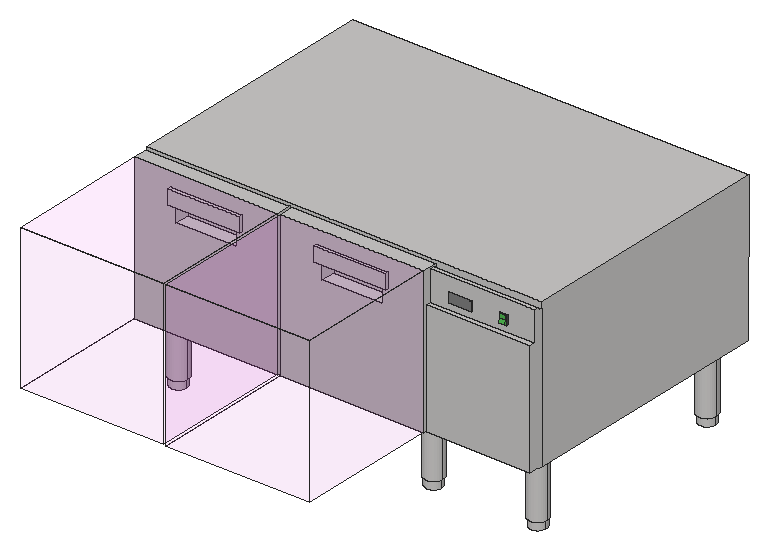
Revit family "QF_ELECTROLUXPROFESSIONAL_391602_E9TTAECOMIN", category Specialty Equipment, Revit 2021 (continued)
Lines and regions (mm)
  Split face 156
    outline origin (721.397, -448, 504.794) x (0, 0, -1) y (1, 0, 0)
      loop
        arc (52.48, -282.599) -> (56.5, -278.61) -> (52.5, -274.599) r 4
        line (52.5, -274.599) -> (20.5, -274.599)
        arc (20.5, -274.599) -> (16.5, -278.61) -> (20.521, -282.599) r 4
        line (20.521, -282.599) -> (52.48, -282.599)
  Split face 157
    outline origin (733.396, -448, 504.794) x (0, 0, -1) y (1, 0, 0)
      loop
        arc (52.48, -282.599) -> (56.5, -278.61) -> (52.5, -274.599) r 4
        line (52.5, -274.599) -> (20.5, -274.599)
        arc (20.5, -274.599) -> (16.5, -278.61) -> (20.521, -282.599) r 4
        line (20.521, -282.599) -> (52.48, -282.599)
  Split face 158
    outline origin (709.396, -448, 459.794) x (0, 0, -1) y (1, 0, 0)
      loop
        arc (52.48, -282.599) -> (56.5, -278.61) -> (52.5, -274.599) r 4
        line (52.5, -274.599) -> (20.5, -274.599)
        arc (20.5, -274.599) -> (16.5, -278.61) -> (20.521, -282.599) r 4
        line (20.521, -282.599) -> (52.48, -282.599)
  Split face 159
    outline origin (721.397, -448, 459.794) x (0, 0, -1) y (1, 0, 0)
      loop
        arc (52.48, -282.599) -> (56.5, -278.61) -> (52.5, -274.599) r 4
        line (52.5, -274.599) -> (20.5, -274.599)
        arc (20.5, -274.599) -> (16.5, -278.61) -> (20.521, -282.599) r 4
        line (20.521, -282.599) -> (52.48, -282.599)
  Split face 160
    outline origin (733.396, -448, 459.794) x (0, 0, -1) y (1, 0, 0)
      loop
        arc (52.48, -282.599) -> (56.5, -278.61) -> (52.5, -274.599) r 4
        line (52.5, -274.599) -> (20.5, -274.599)
        arc (20.5, -274.599) -> (16.5, -278.61) -> (20.521, -282.599) r 4
        line (20.521, -282.599) -> (52.48, -282.599)
  Split face 161
    outline origin (709.396, -448, 414.794) x (0, 0, -1) y (1, 0, 0)
      loop
        arc (52.48, -282.599) -> (56.5, -278.61) -> (52.5, -274.599) r 4
        line (52.5, -274.599) -> (20.5, -274.599)
        arc (20.5, -274.599) -> (16.5, -278.61) -> (20.521, -282.599) r 4
        line (20.521, -282.599) -> (52.48, -282.599)
  Split face 162
    outline origin (721.397, -448, 414.794) x (0, 0, -1) y (1, 0, 0)
      loop
        arc (52.48, -282.599) -> (56.5, -278.61) -> (52.5, -274.599) r 4
        line (52.5, -274.599) -> (20.5, -274.599)
        arc (20.5, -274.599) -> (16.5, -278.61) -> (20.521, -282.599) r 4
        line (20.521, -282.599) -> (52.48, -282.599)
  Split face 163
    outline origin (733.396, -448, 414.794) x (0, 0, -1) y (1, 0, 0)
      loop
        arc (52.48, -282.599) -> (56.5, -278.61) -> (52.5, -274.599) r 4
        line (52.5, -274.599) -> (20.5, -274.599)
        arc (20.5, -274.599) -> (16.5, -278.61) -> (20.521, -282.599) r 4
        line (20.521, -282.599) -> (52.48, -282.599)
  Split face 164
    outline origin (709.396, -448, 369.794) x (0, 0, -1) y (1, 0, 0)
      loop
        arc (52.48, -282.599) -> (56.5, -278.61) -> (52.5, -274.599) r 4
        line (52.5, -274.599) -> (20.5, -274.599)
        arc (20.5, -274.599) -> (16.5, -278.61) -> (20.521, -282.599) r 4
        line (20.521, -282.599) -> (52.48, -282.599)
  Split face 165
    outline origin (721.397, -448, 369.794) x (0, 0, -1) y (1, 0, 0)
      loop
        arc (52.48, -282.599) -> (56.5, -278.61) -> (52.5, -274.599) r 4
        line (52.5, -274.599) -> (20.5, -274.599)
        arc (20.5, -274.599) -> (16.5, -278.61) -> (20.521, -282.599) r 4
        line (20.521, -282.599) -> (52.48, -282.599)
  Split face 166
    outline origin (733.396, -448, 369.794) x (0, 0, -1) y (1, 0, 0)
      loop
        arc (52.48, -282.599) -> (56.5, -278.61) -> (52.5, -274.599) r 4
        line (52.5, -274.599) -> (20.5, -274.599)
        arc (20.5, -274.599) -> (16.5, -278.61) -> (20.521, -282.599) r 4
        line (20.521, -282.599) -> (52.48, -282.599)
  Split face 167
    outline origin (709.396, -448, 324.794) x (0, 0, -1) y (1, 0, 0)
      loop
        arc (52.48, -282.599) -> (56.5, -278.61) -> (52.5, -274.599) r 4
        line (52.5, -274.599) -> (20.5, -274.599)
        arc (20.5, -274.599) -> (16.5, -278.61) -> (20.521, -282.599) r 4
        line (20.521, -282.599) -> (52.48, -282.599)
  Split face 168
    outline origin (721.397, -448, 324.794) x (0, 0, -1) y (1, 0, 0)
      loop
        arc (52.48, -282.599) -> (56.5, -278.61) -> (52.5, -274.599) r 4
        line (52.5, -274.599) -> (20.5, -274.599)
        arc (20.5, -274.599) -> (16.5, -278.61) -> (20.521, -282.599) r 4
        line (20.521, -282.599) -> (52.48, -282.599)
  Split face 169
    outline origin (733.396, -448, 324.794) x (0, 0, -1) y (1, 0, 0)
      loop
        arc (52.48, -282.599) -> (56.5, -278.61) -> (52.5, -274.599) r 4
        line (52.5, -274.599) -> (20.5, -274.599)
        arc (20.5, -274.599) -> (16.5, -278.61) -> (20.521, -282.599) r 4
        line (20.521, -282.599) -> (52.48, -282.599)
  Split face 170
    outline origin (709.396, -448, 279.794) x (0, 0, -1) y (1, 0, 0)
      loop
        arc (52.48, -282.599) -> (56.5, -278.61) -> (52.5, -274.599) r 4
        line (52.5, -274.599) -> (20.5, -274.599)
        arc (20.5, -274.599) -> (16.5, -278.61) -> (20.521, -282.599) r 4
        line (20.521, -282.599) -> (52.48, -282.599)
  Split face 171
    outline origin (721.397, -448, 279.794) x (0, 0, -1) y (1, 0, 0)
      loop
        arc (52.48, -282.599) -> (56.5, -278.61) -> (52.5, -274.599) r 4
        line (52.5, -274.599) -> (20.5, -274.599)
        arc (20.5, -274.599) -> (16.5, -278.61) -> (20.521, -282.599) r 4
        line (20.521, -282.599) -> (52.48, -282.599)
  Split face 172
    outline origin (733.396, -448, 279.794) x (0, 0, -1) y (1, 0, 0)
      loop
        arc (52.48, -282.599) -> (56.5, -278.61) -> (52.5, -274.599) r 4
        line (52.5, -274.599) -> (20.5, -274.599)
        arc (20.5, -274.599) -> (16.5, -278.61) -> (20.521, -282.599) r 4
        line (20.521, -282.599) -> (52.48, -282.599)
  symbolic lines, style "SpecialityEquipmentHiddenLines"
    curve 1: line (-599, 380, 0) -> (599, 380, 0)
    curve 2: line (-599, -448, 0) -> (-599, 380, 0)
    curve 3: line (599, -448, 0) -> (-599, -448, 0)
    curve 4: line (599, 380, 0) -> (599, -448, 0)
    curve 17: line (-599, -403, 0) -> (599, -403, 0)
  symbolic lines, style "QF_Door-Drawer Clearances"
    curve 5: line (-579, -448, 0) -> (-579, -573, 0)
    curve 6: line (-184.999, -573, 0) -> (-184.999, -448, 0)
    curve 7: line (-136.499, -448, 0) -> (-136.499, -573, 0)
    curve 8: line (257.502, -573, 0) -> (257.502, -448, 0)
    curve 9: line (-599, -573, 0) -> (-164.999, -573, 0)
    curve 10: line (-156.499, -573, 0) -> (277.502, -573, 0)
    curve 11: line (-599, -613, 0) -> (-164.999, -613, 0)
    curve 12: line (-156.499, -613, 0) -> (277.502, -613, 0)
    curve 13: line (-164.999, -613, 0) -> (-164.999, -573, 0)
    curve 14: line (-156.499, -573, 0) -> (-156.499, -613, 0)
    curve 15: line (-599, -573, 0) -> (-599, -613, 0)
    curve 16: line (277.502, -613, 0) -> (277.502, -573, 0)
Dimensions and locks
  plane 4 to level = 200 mm
  plane 5 "TOP" to level = 650 mm
  plane 5 "TOP" to plane 4 = 450 mm
  equal spacing: plane 8 "LEFT", plane 3 "Centro (Sinistra/Destra)", plane 9 "RIGHT"
  plane 8 "LEFT" to plane 9 "RIGHT" = 1200 mm
  equal spacing: plane 6 "BACK", plane 1 "Center X", plane 7 "FRONT"
  plane 6 "BACK" to plane 7 "FRONT" = 900 mm
  plane 6 "BACK" to plane 10 = 853 mm
  locked: plane 10 to plane 11 at 45
  locked: plane 8 "LEFT" to plane 12 at 55
  locked: plane 13 to plane 9 "RIGHT" at 55
  locked: plane 12 to plane 14 at 774
  locked: plane 22 to plane 15 at 88
  locked: plane 16 to plane 11 at 98
  locked: plane 19 to plane 9 "RIGHT" at 1
  locked: plane 8 "LEFT" to plane 18 at 1
  plane 19 to plane 17 = 313 mm
  locked: plane 6 "BACK" to plane 20 at 160
  plane 21 to plane 9 "RIGHT" = 40 mm
  locked: plane 6 "BACK" to plane 22 at 70
  locked: plane 11 to plane 7 "FRONT" at 2
  plane 15 to plane 22 = 88 mm
  plane 11 to plane 16 = 98 mm
  plane 12 to plane 8 "LEFT" = 55 mm
  plane 14 to plane 12 = 774 mm
  aligned and locked: level to plane 2
  aligned and locked: plane 12 to nested 1
  aligned and locked: nested 1 to plane 16
  aligned and locked: nested 2 to plane 15
  aligned and locked: plane 14 to nested 3
  aligned and locked: nested 4 to plane 14
  aligned and locked: plane 13 to nested 5
  aligned and locked: nested 6 to plane 13
  aligned and locked: plane 10 to Extrusion 1 sketch curve
  aligned and locked: Extrusion 2 to plane 11
  aligned and locked: Extrusion 10 to plane 11
  aligned and locked: plane 4 to Extrusion 12
  aligned and locked: plane 22 to Extrusion 1
  aligned and locked: plane 15 to nested 6
  aligned and locked: plane 15 to nested 4
  aligned and locked: plane 16 to nested 5
  aligned and locked: plane 16 to nested 3
Automatic sketch dimensions
  Extrusion 2 sketch curve to plane 18 = 0 mm
  plane 12 to Extrusion 2 sketch curve = 69.7 mm
  Extrusion 2 sketch curve to Extrusion 2 sketch curve = 186.601 mm
  Extrusion 2 sketch curve to plane 5 "TOP" = 9.006 mm
  Extrusion 2 sketch curve to Extrusion 2 sketch curve = 123.7 mm
  Extrusion 2 sketch curve to plane 5 "TOP" = 65 mm
  Extrusion 2 sketch curve to Extrusion 2 sketch curve = 78.294 mm
  plane 4 to Extrusion 2 sketch curve = 1.587 mm
  Extrusion 2 to Extrusion 3 sketch curve = 0 mm
  Extrusion 3 sketch curve to Extrusion 2 = 0 mm  (x3)
  Extrusion 4 sketch curve to plane 4 = 0 mm
  Extrusion 4 sketch curve to plane 10 = 0 mm
  Extrusion 4 sketch curve to plane 10 = 5.442 mm
  plane 4 to Extrusion 4 sketch curve = 4.796 mm
  Extrusion 4 sketch curve to Extrusion 4 sketch curve = 9.721 mm
  Extrusion 4 sketch curve to plane 10 = 16.763 mm
  Extrusion 4 sketch curve to Extrusion 4 sketch curve = 11.336 mm
  plane 11 to Extrusion 4 sketch curve = 0 mm
  Extrusion 4 sketch curve to plane 5 "TOP" = 100.204 mm
  Extrusion 4 sketch curve to plane 5 "TOP" = 20.473 mm
  Extrusion 4 sketch curve to plane 5 "TOP" = 9.006 mm
  Extrusion 4 to Extrusion 5 sketch curve = 42.198 mm
  Extrusion 5 sketch curve to Extrusion 4 = 20 mm
  Extrusion 4 to Extrusion 5 sketch curve = 102.899 mm
  Extrusion 5 sketch curve to Extrusion 5 sketch curve = 22 mm
  Extrusion 4 to Extrusion 6 sketch curve = 42.198 mm
  Extrusion 6 sketch curve to Extrusion 4 = 20 mm
  Extrusion 4 to Extrusion 6 sketch curve = 54.901 mm
  Extrusion 6 sketch curve to Extrusion 6 sketch curve = 70 mm
  Split face 1 sketch curve to Extrusion 6 = 5 mm
  Split face 1 sketch curve to Extrusion 6 = 9 mm
  Split face 1 sketch curve to Extrusion 6 = 10 mm  (x2)
  Split face 2 sketch curve to Extrusion 6 = 12.5 mm
  Split face 2 sketch curve to Extrusion 6 = 7 mm
  Split face 3 sketch curve to Extrusion 6 = 7.5 mm
  Split face 3 sketch curve to Extrusion 6 = 7 mm
  Split face 4 sketch curve to Extrusion 6 = 11.5 mm
  Split face 4 sketch curve to Extrusion 6 = 7 mm
  Split face 5 sketch curve to Extrusion 6 = 7.5 mm
  Split face 5 sketch curve to Extrusion 6 = 7 mm
  Split face 6 sketch curve to Extrusion 6 = 12.5 mm
  Split face 6 sketch curve to Extrusion 6 = 7 mm
  Split face 7 sketch curve to Extrusion 6 = 11.5 mm
  Split face 7 sketch curve to Extrusion 6 = 7 mm
  Split face 8 sketch curve to Extrusion 6 = 7.047 mm
  Split face 8 sketch curve to Extrusion 6 = 2.047 mm
  Split face 8 sketch curve to Extrusion 6 = 10 mm
  Split face 8 sketch curve to Split face 8 sketch curve = 11 mm
  Split face 9 sketch curve to Extrusion 6 = 7.047 mm
  Split face 9 sketch curve to Extrusion 6 = 2.047 mm
  Split face 9 sketch curve to Extrusion 6 = 23 mm
  Split face 9 sketch curve to Split face 9 sketch curve = 11 mm
  Split face 10 sketch curve to Extrusion 6 = 7.047 mm
  Split face 10 sketch curve to Extrusion 6 = 2.047 mm
  Split face 10 sketch curve to Extrusion 6 = 34 mm
  Split face 10 sketch curve to Split face 10 sketch curve = 11 mm
  Split face 11 sketch curve to Extrusion 6 = 7.047 mm
  Split face 11 sketch curve to Extrusion 6 = 2.047 mm
  Split face 11 sketch curve to Extrusion 6 = 21 mm
  Split face 11 sketch curve to Extrusion 6 = 10 mm
  Extrusion 7 sketch curve to Extrusion 7 sketch curve = 0 mm  (x3)
  Extrusion 7 sketch curve to Extrusion 5 = 0 mm
  Extrusion 5 to Extrusion 7 sketch curve = 2.279 mm
  Extrusion 7 sketch curve to Extrusion 7 sketch curve = 0.116 mm
  Extrusion 7 sketch curve to Extrusion 7 sketch curve = 12.105 mm
  Extrusion 5 to Extrusion 7 sketch curve = 3.692 mm
  Extrusion 5 to Extrusion 7 sketch curve = 2.395 mm
  Split face 12 sketch curve to Extrusion 4 = 20.5 mm
  Split face 12 sketch curve to Split face 12 sketch curve = 0.02 mm  (x2)
  Split face 12 sketch curve to Split face 12 sketch curve = 31.959 mm
  Split face 12 sketch curve to Extrusion 4 = 32.901 mm
  Split face 12 sketch curve to Split face 12 sketch curve = 4 mm
  Split face 13 sketch curve to Extrusion 4 = 20.5 mm
  Split face 13 sketch curve to Split face 13 sketch curve = 0.02 mm  (x2)
  Split face 13 sketch curve to Split face 13 sketch curve = 31.959 mm
  Split face 13 sketch curve to Extrusion 4 = 44.9 mm
  Split face 13 sketch curve to Split face 13 sketch curve = 4 mm
  Split face 14 sketch curve to Extrusion 4 = 20.5 mm
  Split face 14 sketch curve to Split face 14 sketch curve = 0.02 mm  (x2)
  Split face 14 sketch curve to Split face 14 sketch curve = 31.959 mm
  Split face 14 sketch curve to Extrusion 4 = 56.9 mm
  Split face 14 sketch curve to Split face 14 sketch curve = 4 mm
  Split face 15 sketch curve to Extrusion 4 = 20.5 mm
  Split face 15 sketch curve to Split face 15 sketch curve = 0.02 mm  (x2)
  Split face 15 sketch curve to Split face 15 sketch curve = 31.959 mm
  Split face 15 sketch curve to Extrusion 4 = 68.797 mm
  Split face 15 sketch curve to Split face 15 sketch curve = 4 mm
  Split face 16 sketch curve to Extrusion 4 = 20.5 mm
  Split face 16 sketch curve to Split face 16 sketch curve = 0.02 mm  (x2)
  Split face 16 sketch curve to Split face 16 sketch curve = 31.959 mm
  Split face 16 sketch curve to Extrusion 4 = 80.797 mm
  Split face 16 sketch curve to Split face 16 sketch curve = 4 mm
  Split face 17 sketch curve to Extrusion 4 = 20.5 mm
  Split face 17 sketch curve to Split face 17 sketch curve = 0.02 mm  (x2)
  Split face 17 sketch curve to Split face 17 sketch curve = 31.959 mm
  Split face 17 sketch curve to Extrusion 4 = 92.797 mm
  Split face 17 sketch curve to Split face 17 sketch curve = 4 mm
  Split face 18 sketch curve to Extrusion 4 = 20.5 mm
  Split face 18 sketch curve to Split face 18 sketch curve = 0.02 mm  (x2)
  Split face 18 sketch curve to Split face 18 sketch curve = 31.959 mm
  Split face 18 sketch curve to Extrusion 4 = 104.797 mm
  Split face 18 sketch curve to Split face 18 sketch curve = 4 mm
  Split face 19 sketch curve to Extrusion 4 = 20.5 mm
  Split face 19 sketch curve to Split face 19 sketch curve = 0.02 mm  (x2)
  Split face 19 sketch curve to Split face 19 sketch curve = 31.959 mm
  Split face 19 sketch curve to Extrusion 4 = 116.797 mm
  Split face 19 sketch curve to Split face 19 sketch curve = 4 mm
  Split face 20 sketch curve to Extrusion 4 = 20.5 mm
  Split face 20 sketch curve to Split face 20 sketch curve = 0.02 mm  (x2)
  Split face 20 sketch curve to Split face 20 sketch curve = 31.959 mm
  Split face 20 sketch curve to Extrusion 4 = 128.797 mm
  Split face 20 sketch curve to Split face 20 sketch curve = 4 mm
  Split face 21 sketch curve to Extrusion 4 = 20.5 mm
  Split face 21 sketch curve to Split face 21 sketch curve = 0.02 mm  (x2)
  Split face 21 sketch curve to Split face 21 sketch curve = 31.959 mm
  Split face 21 sketch curve to Extrusion 4 = 137.003 mm
  Split face 21 sketch curve to Split face 21 sketch curve = 4 mm
  Split face 22 sketch curve to Extrusion 4 = 20.5 mm
  Split face 22 sketch curve to Split face 22 sketch curve = 0.02 mm  (x2)
  Split face 22 sketch curve to Split face 22 sketch curve = 31.959 mm
  Split face 22 sketch curve to Extrusion 4 = 125.004 mm
  Split face 22 sketch curve to Split face 22 sketch curve = 4 mm
  Split face 23 sketch curve to Extrusion 4 = 20.5 mm
  Split face 23 sketch curve to Split face 23 sketch curve = 0.02 mm  (x2)
  Split face 23 sketch curve to Split face 23 sketch curve = 31.959 mm
  Split face 23 sketch curve to Extrusion 4 = 113.003 mm
  Split face 23 sketch curve to Split face 23 sketch curve = 4 mm
  Split face 24 sketch curve to Extrusion 4 = 20.5 mm
  Split face 24 sketch curve to Split face 24 sketch curve = 0.02 mm  (x2)
  Split face 24 sketch curve to Split face 24 sketch curve = 31.959 mm
  Split face 24 sketch curve to Extrusion 4 = 101.003 mm
  Split face 24 sketch curve to Split face 24 sketch curve = 4 mm
  Split face 25 sketch curve to Extrusion 4 = 20.5 mm
  Split face 25 sketch curve to Split face 25 sketch curve = 0.02 mm  (x2)
  Split face 25 sketch curve to Split face 25 sketch curve = 31.959 mm
  Split face 25 sketch curve to Extrusion 4 = 89.003 mm
  Split face 25 sketch curve to Split face 25 sketch curve = 4 mm
  Split face 26 sketch curve to Extrusion 4 = 20.5 mm
  Split face 26 sketch curve to Split face 26 sketch curve = 0.02 mm  (x2)
  Split face 26 sketch curve to Split face 26 sketch curve = 31.959 mm
  Split face 26 sketch curve to Extrusion 4 = 77.004 mm
  Split face 26 sketch curve to Split face 26 sketch curve = 4 mm
  Split face 27 sketch curve to Extrusion 4 = 20.5 mm
  Split face 27 sketch curve to Split face 27 sketch curve = 0.02 mm  (x2)
  Split face 27 sketch curve to Split face 27 sketch curve = 31.959 mm
  Split face 27 sketch curve to Extrusion 4 = 65.003 mm
  Split face 27 sketch curve to Split face 27 sketch curve = 4 mm
  Split face 28 sketch curve to Extrusion 4 = 20.5 mm
  Split face 28 sketch curve to Split face 28 sketch curve = 0.02 mm  (x2)
  Split face 28 sketch curve to Split face 28 sketch curve = 31.959 mm
  Split face 28 sketch curve to Extrusion 4 = 53.004 mm
  Split face 28 sketch curve to Split face 28 sketch curve = 4 mm
  Split face 29 sketch curve to Extrusion 4 = 20.5 mm
  Split face 29 sketch curve to Split face 29 sketch curve = 0.02 mm  (x2)
  Split face 29 sketch curve to Split face 29 sketch curve = 31.959 mm
  Split face 29 sketch curve to Extrusion 4 = 41.004 mm
  Split face 29 sketch curve to Split face 29 sketch curve = 4 mm
  Split face 30 sketch curve to Extrusion 4 = 20.5 mm
  Split face 30 sketch curve to Split face 30 sketch curve = 0.02 mm  (x2)
  Split face 30 sketch curve to Split face 30 sketch curve = 31.959 mm
  Split face 30 sketch curve to Extrusion 4 = 29.004 mm
  Split face 30 sketch curve to Split face 30 sketch curve = 4 mm
  Split face 31 sketch curve to Extrusion 4 = 20.5 mm
  Split face 31 sketch curve to Split face 31 sketch curve = 0.02 mm  (x2)
  Split face 31 sketch curve to Split face 31 sketch curve = 31.959 mm
  Split face 31 sketch curve to Extrusion 4 = 20.901 mm
  Split face 31 sketch curve to Split face 31 sketch curve = 4 mm
  Split face 32 sketch curve to Extrusion 4 = 65.502 mm
  Split face 32 sketch curve to Split face 32 sketch curve = 0.02 mm  (x2)
  Split face 32 sketch curve to Split face 32 sketch curve = 31.959 mm
  Split face 32 sketch curve to Extrusion 4 = 32.901 mm
  Split face 32 sketch curve to Split face 32 sketch curve = 4 mm
  Split face 33 sketch curve to Extrusion 4 = 65.502 mm
  Split face 33 sketch curve to Split face 33 sketch curve = 0.02 mm  (x2)
  Split face 33 sketch curve to Split face 33 sketch curve = 31.959 mm
  Split face 33 sketch curve to Extrusion 4 = 44.9 mm
  Split face 33 sketch curve to Split face 33 sketch curve = 4 mm
  Split face 34 sketch curve to Extrusion 4 = 65.502 mm
  Split face 34 sketch curve to Split face 34 sketch curve = 0.02 mm  (x2)
  Split face 34 sketch curve to Split face 34 sketch curve = 31.959 mm
  Split face 34 sketch curve to Extrusion 4 = 56.9 mm
  Split face 34 sketch curve to Split face 34 sketch curve = 4 mm
  Split face 35 sketch curve to Extrusion 4 = 65.502 mm
  Split face 35 sketch curve to Split face 35 sketch curve = 0.02 mm  (x2)
  Split face 35 sketch curve to Split face 35 sketch curve = 31.959 mm
  Split face 35 sketch curve to Extrusion 4 = 68.797 mm
  Split face 35 sketch curve to Split face 35 sketch curve = 4 mm
  Split face 36 sketch curve to Extrusion 4 = 65.502 mm
  Split face 36 sketch curve to Split face 36 sketch curve = 0.02 mm  (x2)
  Split face 36 sketch curve to Split face 36 sketch curve = 31.959 mm
  Split face 36 sketch curve to Extrusion 4 = 80.797 mm
  Split face 36 sketch curve to Split face 36 sketch curve = 4 mm
  Split face 37 sketch curve to Extrusion 4 = 65.502 mm
  Split face 37 sketch curve to Split face 37 sketch curve = 0.02 mm  (x2)
  Split face 37 sketch curve to Split face 37 sketch curve = 31.959 mm
  Split face 37 sketch curve to Extrusion 4 = 92.797 mm
  Split face 37 sketch curve to Split face 37 sketch curve = 4 mm
  Split face 38 sketch curve to Extrusion 4 = 65.502 mm
  Split face 38 sketch curve to Split face 38 sketch curve = 0.02 mm  (x2)
  Split face 38 sketch curve to Split face 38 sketch curve = 31.959 mm
  Split face 38 sketch curve to Extrusion 4 = 104.797 mm
  Split face 38 sketch curve to Split face 38 sketch curve = 4 mm
  Split face 39 sketch curve to Extrusion 4 = 65.502 mm
  Split face 39 sketch curve to Split face 39 sketch curve = 0.02 mm  (x2)
  Split face 39 sketch curve to Split face 39 sketch curve = 31.959 mm
  Split face 39 sketch curve to Extrusion 4 = 116.797 mm
  Split face 39 sketch curve to Split face 39 sketch curve = 4 mm
  Split face 40 sketch curve to Extrusion 4 = 65.502 mm
  Split face 40 sketch curve to Split face 40 sketch curve = 0.02 mm  (x2)
  Split face 40 sketch curve to Split face 40 sketch curve = 31.959 mm
  Split face 40 sketch curve to Extrusion 4 = 128.797 mm
  Split face 40 sketch curve to Split face 40 sketch curve = 4 mm
  Split face 41 sketch curve to Extrusion 4 = 65.502 mm
  Split face 41 sketch curve to Split face 41 sketch curve = 0.02 mm  (x2)
  Split face 41 sketch curve to Split face 41 sketch curve = 31.959 mm
  Split face 41 sketch curve to Extrusion 4 = 137.003 mm
  Split face 41 sketch curve to Split face 41 sketch curve = 4 mm
  Split face 42 sketch curve to Extrusion 4 = 65.502 mm
  Split face 42 sketch curve to Split face 42 sketch curve = 0.02 mm  (x2)
  Split face 42 sketch curve to Split face 42 sketch curve = 31.959 mm
  Split face 42 sketch curve to Extrusion 4 = 125.004 mm
  Split face 42 sketch curve to Split face 42 sketch curve = 4 mm
  Split face 43 sketch curve to Extrusion 4 = 65.502 mm
  Split face 43 sketch curve to Split face 43 sketch curve = 0.02 mm  (x2)
  Split face 43 sketch curve to Split face 43 sketch curve = 31.959 mm
  Split face 43 sketch curve to Extrusion 4 = 113.003 mm
  Split face 43 sketch curve to Split face 43 sketch curve = 4 mm
  Split face 44 sketch curve to Extrusion 4 = 65.502 mm
  Split face 44 sketch curve to Split face 44 sketch curve = 0.02 mm  (x2)
  Split face 44 sketch curve to Split face 44 sketch curve = 31.959 mm
  Split face 44 sketch curve to Extrusion 4 = 101.003 mm
  Split face 44 sketch curve to Split face 44 sketch curve = 4 mm
  Split face 45 sketch curve to Extrusion 4 = 65.502 mm
  Split face 45 sketch curve to Split face 45 sketch curve = 0.02 mm  (x2)
  Split face 45 sketch curve to Split face 45 sketch curve = 31.959 mm
  Split face 45 sketch curve to Extrusion 4 = 89.003 mm
  Split face 45 sketch curve to Split face 45 sketch curve = 4 mm
  Split face 46 sketch curve to Extrusion 4 = 65.502 mm
  Split face 46 sketch curve to Split face 46 sketch curve = 0.02 mm  (x2)
  Split face 46 sketch curve to Split face 46 sketch curve = 31.959 mm
  Split face 46 sketch curve to Extrusion 4 = 77.004 mm
  Split face 46 sketch curve to Split face 46 sketch curve = 4 mm
  Split face 47 sketch curve to Extrusion 4 = 65.502 mm
  Split face 47 sketch curve to Split face 47 sketch curve = 0.02 mm  (x2)
  Split face 47 sketch curve to Split face 47 sketch curve = 31.959 mm
  Split face 47 sketch curve to Extrusion 4 = 65.003 mm
  Split face 47 sketch curve to Split face 47 sketch curve = 4 mm
  Split face 48 sketch curve to Extrusion 4 = 65.502 mm
  Split face 48 sketch curve to Split face 48 sketch curve = 0.02 mm  (x2)
  Split face 48 sketch curve to Split face 48 sketch curve = 31.959 mm
  Split face 48 sketch curve to Extrusion 4 = 53.004 mm
  Split face 48 sketch curve to Split face 48 sketch curve = 4 mm
  Split face 49 sketch curve to Extrusion 4 = 65.502 mm
  Split face 49 sketch curve to Split face 49 sketch curve = 0.02 mm  (x2)
  Split face 49 sketch curve to Split face 49 sketch curve = 31.959 mm
  Split face 49 sketch curve to Extrusion 4 = 41.004 mm
  Split face 49 sketch curve to Split face 49 sketch curve = 4 mm
  Split face 50 sketch curve to Extrusion 4 = 25.004 mm
  Split face 50 sketch curve to Extrusion 4 = 65.502 mm
  Split face 50 sketch curve to Split face 50 sketch curve = 0.02 mm  (x2)
  Split face 50 sketch curve to Split face 50 sketch curve = 31.959 mm
  Split face 50 sketch curve to Split face 50 sketch curve = 4 mm
  Split face 51 sketch curve to Extrusion 4 = 24.901 mm
  Split face 51 sketch curve to Extrusion 4 = 65.502 mm
  Split face 51 sketch curve to Split face 51 sketch curve = 0.02 mm  (x2)
  Split face 51 sketch curve to Split face 51 sketch curve = 31.959 mm
  Split face 51 sketch curve to Split face 51 sketch curve = 4 mm
  Split face 52 sketch curve to Extrusion 4 = 36.901 mm
  Split face 52 sketch curve to Extrusion 4 = 110.502 mm
  Split face 52 sketch curve to Split face 52 sketch curve = 0.02 mm  (x2)
  Split face 52 sketch curve to Split face 52 sketch curve = 31.959 mm
  Split face 52 sketch curve to Split face 52 sketch curve = 4 mm
  Split face 53 sketch curve to Extrusion 4 = 48.9 mm
  Split face 53 sketch curve to Extrusion 4 = 110.502 mm
  Split face 53 sketch curve to Split face 53 sketch curve = 0.02 mm  (x2)
  Split face 53 sketch curve to Split face 53 sketch curve = 31.959 mm
  Split face 53 sketch curve to Split face 53 sketch curve = 4 mm
  Split face 54 sketch curve to Extrusion 4 = 110.502 mm
  Split face 54 sketch curve to Split face 54 sketch curve = 0.02 mm  (x2)
  Split face 54 sketch curve to Split face 54 sketch curve = 31.959 mm
  Split face 54 sketch curve to Extrusion 4 = 56.9 mm
  Split face 54 sketch curve to Split face 54 sketch curve = 4 mm
  Split face 55 sketch curve to Extrusion 4 = 110.502 mm
  Split face 55 sketch curve to Split face 55 sketch curve = 0.02 mm  (x2)
  Split face 55 sketch curve to Split face 55 sketch curve = 31.959 mm
  Split face 55 sketch curve to Extrusion 4 = 68.797 mm
  Split face 55 sketch curve to Split face 55 sketch curve = 4 mm
  Split face 56 sketch curve to Extrusion 4 = 110.502 mm
  Split face 56 sketch curve to Split face 56 sketch curve = 0.02 mm  (x2)
  Split face 56 sketch curve to Split face 56 sketch curve = 31.959 mm
  Split face 56 sketch curve to Extrusion 4 = 80.797 mm
  Split face 56 sketch curve to Split face 56 sketch curve = 4 mm
  Split face 57 sketch curve to Extrusion 4 = 110.502 mm
  Split face 57 sketch curve to Split face 57 sketch curve = 0.02 mm  (x2)
  Split face 57 sketch curve to Split face 57 sketch curve = 31.959 mm
  Split face 57 sketch curve to Extrusion 4 = 92.797 mm
  Split face 57 sketch curve to Split face 57 sketch curve = 4 mm
  Split face 58 sketch curve to Extrusion 4 = 110.502 mm
  Split face 58 sketch curve to Split face 58 sketch curve = 0.02 mm  (x2)
  Split face 58 sketch curve to Split face 58 sketch curve = 31.959 mm
  Split face 58 sketch curve to Extrusion 4 = 104.797 mm
  Split face 58 sketch curve to Split face 58 sketch curve = 4 mm
  Split face 59 sketch curve to Extrusion 4 = 110.502 mm
  Split face 59 sketch curve to Split face 59 sketch curve = 0.02 mm  (x2)
  Split face 59 sketch curve to Split face 59 sketch curve = 31.959 mm
  Split face 59 sketch curve to Extrusion 4 = 116.797 mm
  Split face 59 sketch curve to Split face 59 sketch curve = 4 mm
  Split face 60 sketch curve to Extrusion 4 = 110.502 mm
  Split face 60 sketch curve to Split face 60 sketch curve = 0.02 mm  (x2)
  Split face 60 sketch curve to Split face 60 sketch curve = 31.959 mm
  Split face 60 sketch curve to Extrusion 4 = 128.797 mm
  Split face 60 sketch curve to Split face 60 sketch curve = 4 mm
  Split face 61 sketch curve to Extrusion 4 = 110.502 mm
  Split face 61 sketch curve to Split face 61 sketch curve = 0.02 mm  (x2)
  Split face 61 sketch curve to Split face 61 sketch curve = 31.959 mm
  Split face 61 sketch curve to Extrusion 4 = 137.003 mm
  Split face 61 sketch curve to Split face 61 sketch curve = 4 mm
  Split face 62 sketch curve to Extrusion 4 = 110.502 mm
  Split face 62 sketch curve to Split face 62 sketch curve = 0.02 mm  (x2)
  Split face 62 sketch curve to Split face 62 sketch curve = 31.959 mm
  Split face 62 sketch curve to Extrusion 4 = 125.004 mm
  Split face 62 sketch curve to Split face 62 sketch curve = 4 mm
  Split face 63 sketch curve to Extrusion 4 = 110.502 mm
  Split face 63 sketch curve to Split face 63 sketch curve = 0.02 mm  (x2)
  Split face 63 sketch curve to Split face 63 sketch curve = 31.959 mm
  Split face 63 sketch curve to Extrusion 4 = 113.003 mm
  Split face 63 sketch curve to Split face 63 sketch curve = 4 mm
  Split face 64 sketch curve to Extrusion 4 = 110.502 mm
  Split face 64 sketch curve to Split face 64 sketch curve = 0.02 mm  (x2)
  Split face 64 sketch curve to Split face 64 sketch curve = 31.959 mm
  Split face 64 sketch curve to Extrusion 4 = 101.003 mm
  Split face 64 sketch curve to Split face 64 sketch curve = 4 mm
  Split face 65 sketch curve to Extrusion 4 = 110.502 mm
  Split face 65 sketch curve to Split face 65 sketch curve = 0.02 mm  (x2)
  Split face 65 sketch curve to Split face 65 sketch curve = 31.959 mm
  Split face 65 sketch curve to Extrusion 4 = 89.003 mm
  Split face 65 sketch curve to Split face 65 sketch curve = 4 mm
  Split face 66 sketch curve to Extrusion 4 = 110.502 mm
  Split face 66 sketch curve to Split face 66 sketch curve = 0.02 mm  (x2)
  Split face 66 sketch curve to Split face 66 sketch curve = 31.959 mm
  Split face 66 sketch curve to Extrusion 4 = 77.004 mm
  Split face 66 sketch curve to Split face 66 sketch curve = 4 mm
  Split face 67 sketch curve to Extrusion 4 = 110.502 mm
  Split face 67 sketch curve to Split face 67 sketch curve = 0.02 mm  (x2)
  Split face 67 sketch curve to Split face 67 sketch curve = 31.959 mm
  Split face 67 sketch curve to Extrusion 4 = 65.003 mm
  Split face 67 sketch curve to Split face 67 sketch curve = 4 mm
  Split face 68 sketch curve to Extrusion 4 = 49.004 mm
  Split face 68 sketch curve to Extrusion 4 = 110.502 mm
  Split face 68 sketch curve to Split face 68 sketch curve = 0.02 mm  (x2)
  Split face 68 sketch curve to Split face 68 sketch curve = 31.959 mm
  Split face 68 sketch curve to Split face 68 sketch curve = 4 mm
  Split face 69 sketch curve to Extrusion 4 = 37.004 mm
  Split face 69 sketch curve to Extrusion 4 = 110.502 mm
  Split face 69 sketch curve to Split face 69 sketch curve = 0.02 mm  (x2)
  Split face 69 sketch curve to Split face 69 sketch curve = 31.959 mm
  Split face 69 sketch curve to Split face 69 sketch curve = 4 mm
  Split face 70 sketch curve to Extrusion 4 = 25.004 mm
  Split face 70 sketch curve to Extrusion 4 = 110.502 mm
  Split face 70 sketch curve to Split face 70 sketch curve = 0.02 mm  (x2)
  Split face 70 sketch curve to Split face 70 sketch curve = 31.959 mm
  Split face 70 sketch curve to Split face 70 sketch curve = 4 mm
  Split face 71 sketch curve to Extrusion 4 = 24.901 mm
  Split face 71 sketch curve to Extrusion 4 = 110.502 mm
  Split face 71 sketch curve to Split face 71 sketch curve = 0.02 mm  (x2)
  Split face 71 sketch curve to Split face 71 sketch curve = 31.959 mm
  Split face 71 sketch curve to Split face 71 sketch curve = 4 mm
  Split face 72 sketch curve to Extrusion 4 = 36.901 mm
  Split face 72 sketch curve to Extrusion 4 = 155.502 mm
  Split face 72 sketch curve to Split face 72 sketch curve = 0.02 mm  (x2)
  Split face 72 sketch curve to Split face 72 sketch curve = 31.959 mm
  Split face 72 sketch curve to Split face 72 sketch curve = 4 mm
  Split face 73 sketch curve to Extrusion 4 = 48.9 mm
  Split face 73 sketch curve to Extrusion 4 = 155.502 mm
  Split face 73 sketch curve to Split face 73 sketch curve = 0.02 mm  (x2)
  Split face 73 sketch curve to Split face 73 sketch curve = 31.959 mm
  Split face 73 sketch curve to Split face 73 sketch curve = 4 mm
  Split face 74 sketch curve to Extrusion 4 = 60.9 mm
  Split face 74 sketch curve to Extrusion 4 = 155.502 mm
  Split face 74 sketch curve to Split face 74 sketch curve = 0.02 mm  (x2)
  Split face 74 sketch curve to Split face 74 sketch curve = 31.959 mm
  Split face 74 sketch curve to Split face 74 sketch curve = 4 mm
  Split face 75 sketch curve to Extrusion 4 = 72.797 mm
  Split face 75 sketch curve to Extrusion 4 = 155.502 mm
  Split face 75 sketch curve to Split face 75 sketch curve = 0.02 mm  (x2)
  Split face 75 sketch curve to Split face 75 sketch curve = 31.959 mm
  Split face 75 sketch curve to Split face 75 sketch curve = 4 mm
  Split face 76 sketch curve to Extrusion 4 = 155.502 mm
  Split face 76 sketch curve to Split face 76 sketch curve = 0.02 mm  (x2)
  Split face 76 sketch curve to Split face 76 sketch curve = 31.959 mm
  Split face 76 sketch curve to Extrusion 4 = 80.797 mm
  Split face 76 sketch curve to Split face 76 sketch curve = 4 mm
  Split face 77 sketch curve to Extrusion 4 = 155.502 mm
  Split face 77 sketch curve to Split face 77 sketch curve = 0.02 mm  (x2)
  Split face 77 sketch curve to Split face 77 sketch curve = 31.959 mm
  Split face 77 sketch curve to Extrusion 4 = 92.797 mm
  Split face 77 sketch curve to Split face 77 sketch curve = 4 mm
  Split face 78 sketch curve to Extrusion 4 = 155.502 mm
  Split face 78 sketch curve to Split face 78 sketch curve = 0.02 mm  (x2)
  Split face 78 sketch curve to Split face 78 sketch curve = 31.959 mm
  Split face 78 sketch curve to Extrusion 4 = 104.797 mm
  Split face 78 sketch curve to Split face 78 sketch curve = 4 mm
  Split face 79 sketch curve to Extrusion 4 = 155.502 mm
  Split face 79 sketch curve to Split face 79 sketch curve = 0.02 mm  (x2)
  Split face 79 sketch curve to Split face 79 sketch curve = 31.959 mm
  Split face 79 sketch curve to Extrusion 4 = 116.797 mm
  Split face 79 sketch curve to Split face 79 sketch curve = 4 mm
  Split face 80 sketch curve to Extrusion 4 = 155.502 mm
  Split face 80 sketch curve to Split face 80 sketch curve = 0.02 mm  (x2)
  Split face 80 sketch curve to Split face 80 sketch curve = 31.959 mm
  Split face 80 sketch curve to Extrusion 4 = 128.797 mm
  Split face 80 sketch curve to Split face 80 sketch curve = 4 mm
  Split face 81 sketch curve to Extrusion 4 = 155.502 mm
  Split face 81 sketch curve to Split face 81 sketch curve = 0.02 mm  (x2)
  Split face 81 sketch curve to Split face 81 sketch curve = 31.959 mm
  Split face 81 sketch curve to Extrusion 4 = 137.003 mm
  Split face 81 sketch curve to Split face 81 sketch curve = 4 mm
  Split face 82 sketch curve to Extrusion 4 = 155.502 mm
  Split face 82 sketch curve to Split face 82 sketch curve = 0.02 mm  (x2)
  Split face 82 sketch curve to Split face 82 sketch curve = 31.959 mm
  Split face 82 sketch curve to Extrusion 4 = 125.004 mm
  Split face 82 sketch curve to Split face 82 sketch curve = 4 mm
  Split face 83 sketch curve to Extrusion 4 = 155.502 mm
  Split face 83 sketch curve to Split face 83 sketch curve = 0.02 mm  (x2)
  Split face 83 sketch curve to Split face 83 sketch curve = 31.959 mm
  Split face 83 sketch curve to Extrusion 4 = 113.003 mm
  Split face 83 sketch curve to Split face 83 sketch curve = 4 mm
  Split face 84 sketch curve to Extrusion 4 = 155.502 mm
  Split face 84 sketch curve to Split face 84 sketch curve = 0.02 mm  (x2)
  Split face 84 sketch curve to Split face 84 sketch curve = 31.959 mm
  Split face 84 sketch curve to Extrusion 4 = 101.003 mm
  Split face 84 sketch curve to Split face 84 sketch curve = 4 mm
  Split face 85 sketch curve to Extrusion 4 = 155.502 mm
  Split face 85 sketch curve to Split face 85 sketch curve = 0.02 mm  (x2)
  Split face 85 sketch curve to Split face 85 sketch curve = 31.959 mm
  Split face 85 sketch curve to Extrusion 4 = 89.003 mm
  Split face 85 sketch curve to Split face 85 sketch curve = 4 mm
  Split face 86 sketch curve to Extrusion 4 = 73.004 mm
  Split face 86 sketch curve to Extrusion 4 = 155.502 mm
  Split face 86 sketch curve to Split face 86 sketch curve = 0.02 mm  (x2)
  Split face 86 sketch curve to Split face 86 sketch curve = 31.959 mm
  Split face 86 sketch curve to Split face 86 sketch curve = 4 mm
  Split face 87 sketch curve to Extrusion 4 = 61.003 mm
  Split face 87 sketch curve to Extrusion 4 = 155.502 mm
  Split face 87 sketch curve to Split face 87 sketch curve = 0.02 mm  (x2)
  Split face 87 sketch curve to Split face 87 sketch curve = 31.959 mm
  Split face 87 sketch curve to Split face 87 sketch curve = 4 mm
  Split face 88 sketch curve to Extrusion 4 = 49.004 mm
  Split face 88 sketch curve to Extrusion 4 = 155.502 mm
  Split face 88 sketch curve to Split face 88 sketch curve = 0.02 mm  (x2)
  Split face 88 sketch curve to Split face 88 sketch curve = 31.959 mm
  Split face 88 sketch curve to Split face 88 sketch curve = 4 mm
  Split face 89 sketch curve to Extrusion 4 = 37.004 mm
  Split face 89 sketch curve to Extrusion 4 = 155.502 mm
  Split face 89 sketch curve to Split face 89 sketch curve = 0.02 mm  (x2)
  Split face 89 sketch curve to Split face 89 sketch curve = 31.959 mm
  Split face 89 sketch curve to Split face 89 sketch curve = 4 mm
  Split face 90 sketch curve to Extrusion 4 = 25.004 mm
  Split face 90 sketch curve to Extrusion 4 = 155.502 mm
  Split face 90 sketch curve to Split face 90 sketch curve = 0.02 mm  (x2)
  Split face 90 sketch curve to Split face 90 sketch curve = 31.959 mm
  Split face 90 sketch curve to Split face 90 sketch curve = 4 mm
  Split face 91 sketch curve to Extrusion 4 = 24.901 mm
  Split face 91 sketch curve to Extrusion 4 = 155.502 mm
  Split face 91 sketch curve to Split face 91 sketch curve = 0.02 mm  (x2)
  Split face 91 sketch curve to Split face 91 sketch curve = 31.959 mm
  Split face 91 sketch curve to Split face 91 sketch curve = 4 mm
  Split face 92 sketch curve to Extrusion 4 = 36.901 mm
  Split face 92 sketch curve to Extrusion 4 = 144.498 mm
  Split face 92 sketch curve to Split face 92 sketch curve = 0.02 mm  (x2)
  Split face 92 sketch curve to Split face 92 sketch curve = 31.959 mm
  Split face 92 sketch curve to Split face 92 sketch curve = 4 mm
  Split face 93 sketch curve to Extrusion 4 = 48.9 mm
  Split face 93 sketch curve to Extrusion 4 = 144.498 mm
  Split face 93 sketch curve to Split face 93 sketch curve = 0.02 mm  (x2)
  Split face 93 sketch curve to Split face 93 sketch curve = 31.959 mm
  Split face 93 sketch curve to Split face 93 sketch curve = 4 mm
  Split face 94 sketch curve to Extrusion 4 = 60.9 mm
  Split face 94 sketch curve to Extrusion 4 = 144.498 mm
  Split face 94 sketch curve to Split face 94 sketch curve = 0.02 mm  (x2)
  Split face 94 sketch curve to Split face 94 sketch curve = 31.959 mm
  Split face 94 sketch curve to Split face 94 sketch curve = 4 mm
  Split face 95 sketch curve to Extrusion 4 = 144.498 mm
  Split face 95 sketch curve to Split face 95 sketch curve = 0.02 mm  (x2)
  Split face 95 sketch curve to Split face 95 sketch curve = 31.959 mm
  Split face 95 sketch curve to Extrusion 4 = 68.797 mm
  Split face 95 sketch curve to Split face 95 sketch curve = 4 mm
  Split face 96 sketch curve to Extrusion 4 = 144.498 mm
  Split face 96 sketch curve to Split face 96 sketch curve = 0.02 mm  (x2)
  Split face 96 sketch curve to Split face 96 sketch curve = 31.959 mm
  Split face 96 sketch curve to Extrusion 4 = 80.797 mm
  Split face 96 sketch curve to Split face 96 sketch curve = 4 mm
  Split face 97 sketch curve to Extrusion 4 = 144.498 mm
  Split face 97 sketch curve to Split face 97 sketch curve = 0.02 mm  (x2)
  Split face 97 sketch curve to Split face 97 sketch curve = 31.959 mm
  Split face 97 sketch curve to Extrusion 4 = 92.797 mm
  Split face 97 sketch curve to Split face 97 sketch curve = 4 mm
  Split face 98 sketch curve to Extrusion 4 = 144.498 mm
  Split face 98 sketch curve to Split face 98 sketch curve = 0.02 mm  (x2)
  Split face 98 sketch curve to Split face 98 sketch curve = 31.959 mm
  Split face 98 sketch curve to Extrusion 4 = 104.797 mm
  Split face 98 sketch curve to Split face 98 sketch curve = 4 mm
  Split face 99 sketch curve to Extrusion 4 = 144.498 mm
  Split face 99 sketch curve to Split face 99 sketch curve = 0.02 mm  (x2)
  Split face 99 sketch curve to Split face 99 sketch curve = 31.959 mm
  Split face 99 sketch curve to Extrusion 4 = 116.797 mm
  Split face 99 sketch curve to Split face 99 sketch curve = 4 mm
  Split face 100 sketch curve to Extrusion 4 = 144.498 mm
  Split face 100 sketch curve to Split face 100 sketch curve = 0.02 mm  (x2)
  Split face 100 sketch curve to Split face 100 sketch curve = 31.959 mm
  Split face 100 sketch curve to Extrusion 4 = 128.797 mm
  Split face 100 sketch curve to Split face 100 sketch curve = 4 mm
  Split face 101 sketch curve to Extrusion 4 = 144.498 mm
  Split face 101 sketch curve to Split face 101 sketch curve = 0.02 mm  (x2)
  Split face 101 sketch curve to Split face 101 sketch curve = 31.959 mm
  Split face 101 sketch curve to Extrusion 4 = 137.003 mm
  Split face 101 sketch curve to Split face 101 sketch curve = 4 mm
  Split face 102 sketch curve to Extrusion 4 = 144.498 mm
  Split face 102 sketch curve to Split face 102 sketch curve = 0.02 mm  (x2)
  Split face 102 sketch curve to Split face 102 sketch curve = 31.959 mm
  Split face 102 sketch curve to Extrusion 4 = 125.004 mm
  Split face 102 sketch curve to Split face 102 sketch curve = 4 mm
  Split face 103 sketch curve to Extrusion 4 = 144.498 mm
  Split face 103 sketch curve to Split face 103 sketch curve = 0.02 mm  (x2)
  Split face 103 sketch curve to Split face 103 sketch curve = 31.959 mm
  Split face 103 sketch curve to Extrusion 4 = 113.003 mm
  Split face 103 sketch curve to Split face 103 sketch curve = 4 mm
  Split face 104 sketch curve to Extrusion 4 = 144.498 mm
  Split face 104 sketch curve to Split face 104 sketch curve = 0.02 mm  (x2)
  Split face 104 sketch curve to Split face 104 sketch curve = 31.959 mm
  Split face 104 sketch curve to Extrusion 4 = 101.003 mm
  Split face 104 sketch curve to Split face 104 sketch curve = 4 mm
  Split face 105 sketch curve to Extrusion 4 = 144.498 mm
  Split face 105 sketch curve to Split face 105 sketch curve = 0.02 mm  (x2)
  Split face 105 sketch curve to Split face 105 sketch curve = 31.959 mm
  Split face 105 sketch curve to Extrusion 4 = 89.003 mm
  Split face 105 sketch curve to Split face 105 sketch curve = 4 mm
  Split face 106 sketch curve to Extrusion 4 = 144.498 mm
  Split face 106 sketch curve to Split face 106 sketch curve = 0.02 mm  (x2)
  Split face 106 sketch curve to Split face 106 sketch curve = 31.959 mm
  Split face 106 sketch curve to Extrusion 4 = 77.004 mm
  Split face 106 sketch curve to Split face 106 sketch curve = 4 mm
  Split face 107 sketch curve to Extrusion 4 = 61.003 mm
  Split face 107 sketch curve to Extrusion 4 = 144.498 mm
  Split face 107 sketch curve to Split face 107 sketch curve = 0.02 mm  (x2)
  Split face 107 sketch curve to Split face 107 sketch curve = 31.959 mm
  Split face 107 sketch curve to Split face 107 sketch curve = 4 mm
  Split face 108 sketch curve to Extrusion 4 = 49.004 mm
  Split face 108 sketch curve to Extrusion 4 = 144.498 mm
  Split face 108 sketch curve to Split face 108 sketch curve = 0.02 mm  (x2)
  Split face 108 sketch curve to Split face 108 sketch curve = 31.959 mm
  Split face 108 sketch curve to Split face 108 sketch curve = 4 mm
  Split face 109 sketch curve to Extrusion 4 = 37.004 mm
  Split face 109 sketch curve to Extrusion 4 = 144.498 mm
  Split face 109 sketch curve to Split face 109 sketch curve = 0.02 mm  (x2)
  Split face 109 sketch curve to Split face 109 sketch curve = 31.959 mm
  Split face 109 sketch curve to Split face 109 sketch curve = 4 mm
  Split face 110 sketch curve to Extrusion 4 = 25.004 mm
  Split face 110 sketch curve to Extrusion 4 = 144.498 mm
  Split face 110 sketch curve to Split face 110 sketch curve = 0.02 mm  (x2)
  Split face 110 sketch curve to Split face 110 sketch curve = 31.959 mm
  Split face 110 sketch curve to Split face 110 sketch curve = 4 mm
  Split face 111 sketch curve to Extrusion 4 = 24.901 mm
  Split face 111 sketch curve to Extrusion 4 = 144.498 mm
  Split face 111 sketch curve to Split face 111 sketch curve = 0.02 mm  (x2)
  Split face 111 sketch curve to Split face 111 sketch curve = 31.959 mm
  Split face 111 sketch curve to Split face 111 sketch curve = 4 mm
  Split face 112 sketch curve to Extrusion 4 = 36.901 mm
  Split face 112 sketch curve to Extrusion 4 = 99.499 mm
  Split face 112 sketch curve to Split face 112 sketch curve = 0.02 mm  (x2)
  Split face 112 sketch curve to Split face 112 sketch curve = 31.959 mm
  Split face 112 sketch curve to Split face 112 sketch curve = 4 mm
  Split face 113 sketch curve to Extrusion 4 = 48.9 mm
  Split face 113 sketch curve to Extrusion 4 = 99.499 mm
  Split face 113 sketch curve to Split face 113 sketch curve = 0.02 mm  (x2)
  Split face 113 sketch curve to Split face 113 sketch curve = 31.959 mm
  Split face 113 sketch curve to Split face 113 sketch curve = 4 mm
  Split face 114 sketch curve to Extrusion 4 = 99.499 mm
  Split face 114 sketch curve to Split face 114 sketch curve = 0.02 mm  (x2)
  Split face 114 sketch curve to Split face 114 sketch curve = 31.959 mm
  Split face 114 sketch curve to Extrusion 4 = 56.9 mm
  Split face 114 sketch curve to Split face 114 sketch curve = 4 mm
  Split face 115 sketch curve to Extrusion 4 = 99.499 mm
  Split face 115 sketch curve to Split face 115 sketch curve = 0.02 mm  (x2)
  Split face 115 sketch curve to Split face 115 sketch curve = 31.959 mm
  Split face 115 sketch curve to Extrusion 4 = 68.797 mm
  Split face 115 sketch curve to Split face 115 sketch curve = 4 mm
  Split face 116 sketch curve to Extrusion 4 = 99.499 mm
  Split face 116 sketch curve to Split face 116 sketch curve = 0.02 mm  (x2)
  Split face 116 sketch curve to Split face 116 sketch curve = 31.959 mm
  Split face 116 sketch curve to Extrusion 4 = 80.797 mm
  Split face 116 sketch curve to Split face 116 sketch curve = 4 mm
  Split face 117 sketch curve to Extrusion 4 = 99.499 mm
  Split face 117 sketch curve to Split face 117 sketch curve = 0.02 mm  (x2)
  Split face 117 sketch curve to Split face 117 sketch curve = 31.959 mm
  Split face 117 sketch curve to Extrusion 4 = 92.797 mm
  Split face 117 sketch curve to Split face 117 sketch curve = 4 mm
  Split face 118 sketch curve to Extrusion 4 = 99.499 mm
  Split face 118 sketch curve to Split face 118 sketch curve = 0.02 mm  (x2)
  Split face 118 sketch curve to Split face 118 sketch curve = 31.959 mm
  Split face 118 sketch curve to Extrusion 4 = 104.797 mm
  Split face 118 sketch curve to Split face 118 sketch curve = 4 mm
  Split face 119 sketch curve to Extrusion 4 = 99.499 mm
  Split face 119 sketch curve to Split face 119 sketch curve = 0.02 mm  (x2)
  Split face 119 sketch curve to Split face 119 sketch curve = 31.959 mm
  Split face 119 sketch curve to Extrusion 4 = 116.797 mm
  Split face 119 sketch curve to Split face 119 sketch curve = 4 mm
  Split face 120 sketch curve to Extrusion 4 = 99.499 mm
  Split face 120 sketch curve to Split face 120 sketch curve = 0.02 mm  (x2)
  Split face 120 sketch curve to Split face 120 sketch curve = 31.959 mm
  Split face 120 sketch curve to Extrusion 4 = 128.797 mm
  Split face 120 sketch curve to Split face 120 sketch curve = 4 mm
  Split face 121 sketch curve to Extrusion 4 = 99.499 mm
  Split face 121 sketch curve to Split face 121 sketch curve = 0.02 mm  (x2)
  Split face 121 sketch curve to Split face 121 sketch curve = 31.959 mm
  Split face 121 sketch curve to Extrusion 4 = 137.003 mm
  Split face 121 sketch curve to Split face 121 sketch curve = 4 mm
  Split face 122 sketch curve to Extrusion 4 = 99.499 mm
  Split face 122 sketch curve to Split face 122 sketch curve = 0.02 mm  (x2)
  Split face 122 sketch curve to Split face 122 sketch curve = 31.959 mm
  Split face 122 sketch curve to Extrusion 4 = 125.004 mm
  Split face 122 sketch curve to Split face 122 sketch curve = 4 mm
  Split face 123 sketch curve to Extrusion 4 = 99.499 mm
  Split face 123 sketch curve to Split face 123 sketch curve = 0.02 mm  (x2)
  Split face 123 sketch curve to Split face 123 sketch curve = 31.959 mm
  Split face 123 sketch curve to Extrusion 4 = 113.003 mm
  Split face 123 sketch curve to Split face 123 sketch curve = 4 mm
  Split face 124 sketch curve to Extrusion 4 = 99.499 mm
  Split face 124 sketch curve to Split face 124 sketch curve = 0.02 mm  (x2)
  Split face 124 sketch curve to Split face 124 sketch curve = 31.959 mm
  Split face 124 sketch curve to Extrusion 4 = 101.003 mm
  Split face 124 sketch curve to Split face 124 sketch curve = 4 mm
  Split face 125 sketch curve to Extrusion 4 = 99.499 mm
  Split face 125 sketch curve to Split face 125 sketch curve = 0.02 mm  (x2)
  Split face 125 sketch curve to Split face 125 sketch curve = 31.959 mm
  Split face 125 sketch curve to Extrusion 4 = 89.003 mm
  Split face 125 sketch curve to Split face 125 sketch curve = 4 mm
  Split face 126 sketch curve to Extrusion 4 = 99.499 mm
  Split face 126 sketch curve to Split face 126 sketch curve = 0.02 mm  (x2)
  Split face 126 sketch curve to Split face 126 sketch curve = 31.959 mm
  Split face 126 sketch curve to Extrusion 4 = 77.004 mm
  Split face 126 sketch curve to Split face 126 sketch curve = 4 mm
  Split face 127 sketch curve to Extrusion 4 = 99.499 mm
  Split face 127 sketch curve to Split face 127 sketch curve = 0.02 mm  (x2)
  Split face 127 sketch curve to Split face 127 sketch curve = 31.959 mm
  Split face 127 sketch curve to Extrusion 4 = 65.003 mm
  Split face 127 sketch curve to Split face 127 sketch curve = 4 mm
  Split face 128 sketch curve to Extrusion 4 = 49.004 mm
  Split face 128 sketch curve to Extrusion 4 = 99.499 mm
  Split face 128 sketch curve to Split face 128 sketch curve = 0.02 mm  (x2)
  Split face 128 sketch curve to Split face 128 sketch curve = 31.959 mm
  Split face 128 sketch curve to Split face 128 sketch curve = 4 mm
  Split face 129 sketch curve to Extrusion 4 = 37.004 mm
  Split face 129 sketch curve to Extrusion 4 = 99.499 mm
  Split face 129 sketch curve to Split face 129 sketch curve = 0.02 mm  (x2)
  Split face 129 sketch curve to Split face 129 sketch curve = 31.959 mm
  Split face 129 sketch curve to Split face 129 sketch curve = 4 mm
  Split face 130 sketch curve to Extrusion 4 = 25.004 mm
  Split face 130 sketch curve to Extrusion 4 = 99.499 mm
  Split face 130 sketch curve to Split face 130 sketch curve = 0.02 mm  (x2)
  Split face 130 sketch curve to Split face 130 sketch curve = 31.959 mm
  Split face 130 sketch curve to Split face 130 sketch curve = 4 mm
  Split face 131 sketch curve to Extrusion 4 = 24.901 mm
  Split face 131 sketch curve to Extrusion 4 = 99.499 mm
  Split face 131 sketch curve to Split face 131 sketch curve = 0.02 mm  (x2)
  Split face 131 sketch curve to Split face 131 sketch curve = 31.959 mm
  Split face 131 sketch curve to Split face 131 sketch curve = 4 mm
  Split face 132 sketch curve to Extrusion 4 = 54.499 mm
  Split face 132 sketch curve to Split face 132 sketch curve = 0.02 mm  (x2)
  Split face 132 sketch curve to Extrusion 4 = 22.519 mm
  Split face 132 sketch curve to Extrusion 4 = 32.901 mm
  Split face 132 sketch curve to Split face 132 sketch curve = 4 mm
  Split face 133 sketch curve to Extrusion 4 = 54.499 mm
  Split face 133 sketch curve to Split face 133 sketch curve = 0.02 mm  (x2)
  Split face 133 sketch curve to Extrusion 4 = 22.519 mm
  Split face 133 sketch curve to Extrusion 4 = 44.9 mm
  Split face 133 sketch curve to Split face 133 sketch curve = 4 mm
  Split face 134 sketch curve to Extrusion 4 = 54.499 mm
  Split face 134 sketch curve to Split face 134 sketch curve = 0.02 mm  (x2)
  Split face 134 sketch curve to Extrusion 4 = 22.519 mm
  Split face 134 sketch curve to Extrusion 4 = 56.9 mm
  Split face 134 sketch curve to Split face 134 sketch curve = 4 mm
  Split face 135 sketch curve to Extrusion 4 = 54.499 mm
  Split face 135 sketch curve to Split face 135 sketch curve = 0.02 mm  (x2)
  Split face 135 sketch curve to Extrusion 4 = 22.519 mm
  Split face 135 sketch curve to Extrusion 4 = 68.797 mm
  Split face 135 sketch curve to Split face 135 sketch curve = 4 mm
  Split face 136 sketch curve to Extrusion 4 = 54.499 mm
  Split face 136 sketch curve to Split face 136 sketch curve = 0.02 mm  (x2)
  Split face 136 sketch curve to Extrusion 4 = 22.519 mm
  Split face 136 sketch curve to Extrusion 4 = 80.797 mm
  Split face 136 sketch curve to Split face 136 sketch curve = 4 mm
  Split face 137 sketch curve to Extrusion 4 = 54.499 mm
  Split face 137 sketch curve to Split face 137 sketch curve = 0.02 mm  (x2)
  Split face 137 sketch curve to Extrusion 4 = 22.519 mm
  Split face 137 sketch curve to Extrusion 4 = 92.797 mm
  Split face 137 sketch curve to Split face 137 sketch curve = 4 mm
  Split face 138 sketch curve to Extrusion 4 = 54.499 mm
  Split face 138 sketch curve to Split face 138 sketch curve = 0.02 mm  (x2)
  Split face 138 sketch curve to Extrusion 4 = 22.519 mm
  Split face 138 sketch curve to Extrusion 4 = 104.797 mm
  Split face 138 sketch curve to Split face 138 sketch curve = 4 mm
  Split face 139 sketch curve to Extrusion 4 = 54.499 mm
  Split face 139 sketch curve to Split face 139 sketch curve = 0.02 mm  (x2)
  Split face 139 sketch curve to Extrusion 4 = 22.519 mm
  Split face 139 sketch curve to Extrusion 4 = 116.797 mm
  Split face 139 sketch curve to Split face 139 sketch curve = 4 mm
  Split face 140 sketch curve to Extrusion 4 = 54.499 mm
  Split face 140 sketch curve to Split face 140 sketch curve = 0.02 mm  (x2)
  Split face 140 sketch curve to Extrusion 4 = 22.519 mm
  Split face 140 sketch curve to Extrusion 4 = 128.797 mm
  Split face 140 sketch curve to Split face 140 sketch curve = 4 mm
  Split face 141 sketch curve to Extrusion 4 = 54.499 mm
  Split face 141 sketch curve to Split face 141 sketch curve = 0.02 mm  (x2)
  Split face 141 sketch curve to Extrusion 4 = 22.519 mm
  Split face 141 sketch curve to Extrusion 4 = 137.003 mm
  Split face 141 sketch curve to Split face 141 sketch curve = 4 mm
  Split face 142 sketch curve to Extrusion 4 = 54.499 mm
  Split face 142 sketch curve to Split face 142 sketch curve = 0.02 mm  (x2)
  Split face 142 sketch curve to Extrusion 4 = 22.519 mm
  Split face 142 sketch curve to Extrusion 4 = 125.004 mm
  Split face 142 sketch curve to Split face 142 sketch curve = 4 mm
  Split face 143 sketch curve to Extrusion 4 = 54.499 mm
  Split face 143 sketch curve to Split face 143 sketch curve = 0.02 mm  (x2)
  Split face 143 sketch curve to Extrusion 4 = 22.519 mm
  Split face 143 sketch curve to Extrusion 4 = 113.003 mm
  Split face 143 sketch curve to Split face 143 sketch curve = 4 mm
  Split face 144 sketch curve to Extrusion 4 = 54.499 mm
  Split face 144 sketch curve to Split face 144 sketch curve = 0.02 mm  (x2)
  Split face 144 sketch curve to Extrusion 4 = 22.519 mm
  Split face 144 sketch curve to Extrusion 4 = 101.003 mm
  Split face 144 sketch curve to Split face 144 sketch curve = 4 mm
  Split face 145 sketch curve to Extrusion 4 = 54.499 mm
  Split face 145 sketch curve to Split face 145 sketch curve = 0.02 mm  (x2)
  Split face 145 sketch curve to Extrusion 4 = 22.519 mm
  Split face 145 sketch curve to Extrusion 4 = 89.003 mm
  Split face 145 sketch curve to Split face 145 sketch curve = 4 mm
  Split face 146 sketch curve to Extrusion 4 = 54.499 mm
  Split face 146 sketch curve to Split face 146 sketch curve = 0.02 mm  (x2)
  Split face 146 sketch curve to Extrusion 4 = 22.519 mm
  Split face 146 sketch curve to Extrusion 4 = 77.004 mm
  Split face 146 sketch curve to Split face 146 sketch curve = 4 mm
  Split face 147 sketch curve to Extrusion 4 = 54.499 mm
  Split face 147 sketch curve to Split face 147 sketch curve = 0.02 mm  (x2)
  Split face 147 sketch curve to Extrusion 4 = 22.519 mm
  Split face 147 sketch curve to Extrusion 4 = 65.003 mm
  Split face 147 sketch curve to Split face 147 sketch curve = 4 mm
  Split face 148 sketch curve to Extrusion 4 = 54.499 mm
  Split face 148 sketch curve to Split face 148 sketch curve = 0.02 mm  (x2)
  Split face 148 sketch curve to Extrusion 4 = 22.519 mm
  Split face 148 sketch curve to Extrusion 4 = 53.004 mm
  Split face 148 sketch curve to Split face 148 sketch curve = 4 mm
  Split face 149 sketch curve to Extrusion 4 = 54.499 mm
  Split face 149 sketch curve to Split face 149 sketch curve = 0.02 mm  (x2)
  Split face 149 sketch curve to Extrusion 4 = 22.519 mm
  Split face 149 sketch curve to Extrusion 4 = 41.004 mm
  Split face 149 sketch curve to Split face 149 sketch curve = 4 mm
  Split face 150 sketch curve to Extrusion 4 = 25.004 mm
  Split face 150 sketch curve to Extrusion 4 = 54.499 mm
  Split face 150 sketch curve to Split face 150 sketch curve = 0.02 mm  (x2)
  Split face 150 sketch curve to Extrusion 4 = 22.519 mm
  Split face 150 sketch curve to Split face 150 sketch curve = 4 mm
  Split face 151 sketch curve to Extrusion 4 = 24.901 mm
  Split face 151 sketch curve to Extrusion 4 = 54.499 mm
  Split face 151 sketch curve to Split face 151 sketch curve = 0.02 mm  (x2)
  Split face 151 sketch curve to Extrusion 4 = 22.519 mm
  Split face 151 sketch curve to Split face 151 sketch curve = 4 mm
  plane 4 to Extrusion 8 sketch curve = 1.587 mm
  Extrusion 8 sketch curve to plane 3 "Centro (Sinistra/Destra)" = 156.499 mm
  Extrusion 8 sketch curve to plane 17 = 8.498 mm
  Extrusion 8 sketch curve to plane 5 "TOP" = 9.006 mm
  Split face 152 sketch curve to Extrusion 4 = 20.5 mm
  Split face 152 sketch curve to Split face 152 sketch curve = 0.02 mm  (x2)
  Split face 152 sketch curve to Split face 152 sketch curve = 31.959 mm
  Split face 152 sketch curve to Extrusion 4 = 140.797 mm
  Split face 152 sketch curve to Split face 152 sketch curve = 4 mm
  Split face 153 sketch curve to Extrusion 4 = 20.5 mm
  Split face 153 sketch curve to Split face 153 sketch curve = 0.02 mm  (x2)
  Split face 153 sketch curve to Split face 153 sketch curve = 31.959 mm
  Split face 153 sketch curve to Extrusion 4 = 152.797 mm
  Split face 153 sketch curve to Split face 153 sketch curve = 4 mm
  Split face 154 sketch curve to Extrusion 4 = 20.5 mm
  Split face 154 sketch curve to Split face 154 sketch curve = 0.02 mm  (x2)
  Split face 154 sketch curve to Split face 154 sketch curve = 31.959 mm
  Split face 154 sketch curve to Extrusion 4 = 148.203 mm
  Split face 154 sketch curve to Split face 154 sketch curve = 4 mm
  Split face 155 sketch curve to Extrusion 4 = 65.502 mm
  Split face 155 sketch curve to Split face 155 sketch curve = 0.02 mm  (x2)
  Split face 155 sketch curve to Split face 155 sketch curve = 31.959 mm
  Split face 155 sketch curve to Extrusion 4 = 140.797 mm
  Split face 155 sketch curve to Split face 155 sketch curve = 4 mm
  Split face 156 sketch curve to Extrusion 4 = 65.502 mm
  Split face 156 sketch curve to Split face 156 sketch curve = 0.02 mm  (x2)
  Split face 156 sketch curve to Split face 156 sketch curve = 31.959 mm
  Split face 156 sketch curve to Extrusion 4 = 152.797 mm
  Split face 156 sketch curve to Split face 156 sketch curve = 4 mm
  Split face 157 sketch curve to Extrusion 4 = 65.502 mm
